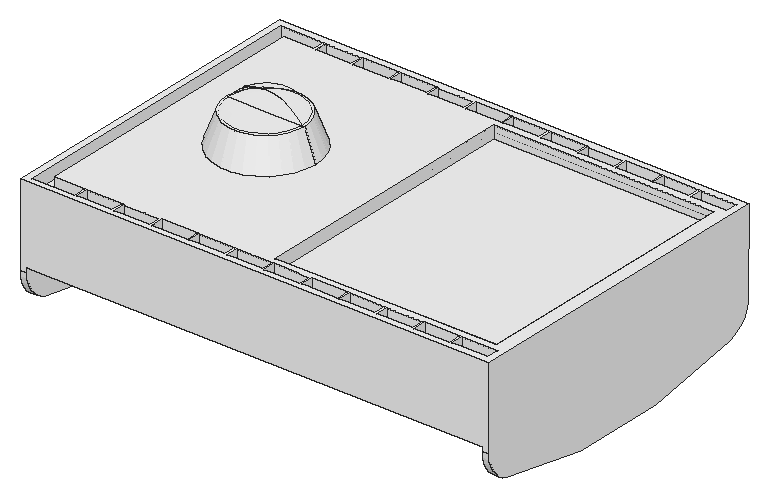
Revit family "QHC", category Lighting Fixtures, host Face, Revit 2013
Parameters (values of type "QHC")
  Wattage = 26.2 W
  Warranty = "Five year warranty "  # constant formula
  built-in parameter 1150110 = 1 (stored number, unit not read)
  Voltage = 120 V
  Wattage Comments = "135w"
  URL = "http://www.hubbellindustrial.com/"
  built-in parameter 1114217 = 1 (stored number, unit not read)
  Tilt Angle = -90.00°
  built-in parameter 1150109 = 1 (stored number, unit not read)
  built-in parameter 1150134 = 12
  built-in parameter 1150113 = 1 (stored number, unit not read)
  Product Page URL = "http://www.hubbellindustrial.com/products/qhc_1"
  Product Documentation Link = "http://cdn.hubbellindustrial.com/content/products/specs/specs_files/hil_0416_qhc_s_17.pdf"
  Power Factor = 0.9
  Photometric Web Link = "http://www.hubbellindustrial.com/products/qhc_1"
  Photometric Web File = "generic.ies"
  Nominal Watts = 135 W
  Model = "QHC Series"  # constant formula
  Manufacturer Phone = "864-678-1000"  # constant formula
  Manufacturer Fax = "866-898-0131"  # constant formula
  Manufacturer = "Hubbell Industrial Lighting"  # constant formula
  built-in parameter 1150105 = 253.11 (stored number, unit not read)
  Lumens = 3180.68 lm
  built-in parameter 1150115 = 1 (stored number, unit not read)
  Load Classification = Lighting
  built-in parameter 1150137 = (empty or 0)
  built-in parameter 1150139 = (empty or 0)
  built-in parameter 1150112 = 1 (stored number, unit not read)
  built-in parameter 1150114 = 1 (stored number, unit not read)
  Lamp = "36, 48, 60, 120, 180 Chip Board LEDs"  # constant formula
  built-in parameter 1150132 = (empty or 0)
  built-in parameter 1150102 = (empty or 0)
  built-in parameter 1150107 = 4000 (stored number, unit not read)
  built-in parameter 1150138 = (empty or 0)
  built-in parameter 1150106 = 2.5311 (stored number, unit not read)
  Glass = Hubbell - White Glass
  Emit from Rectangle Width = 10 1/2"  # constant formula
  Emit from Rectangle Length = 8 1/2"  # constant formula
  Emit Shape Visible in Rendering = no
  built-in parameter 1150104 = 11.278 (stored number, unit not read)
  Dimming Lamp Color Temperature Shift = <None>
  Description = "Modular Chassis LED High-Bay"  # constant formula
  Default Elevation = 48"
  Color Filter = 16777215
  built-in parameter 1114218 = 1 (stored number, unit not read)
  Housing Material = Hubbell-Paint-White
  built-in parameter 1150133 = 10 (stored number, unit not read)
  Apparent Load = Nominal Watts / Power Factor  # 150 VA
Reference planes (in)
  plane 1 "Center (Front/Back)": y = 0.03999
  plane 2: z = 0
  plane 3 "Center (Left/Right)": x = 1.66944
  plane 4: x = -7.45056
  plane 5: x = 10.78944
  plane 6: y = 6.35499
  plane 7: y = -6.27501
  plane 8: z = 2.11
  plane 9: z = 5.11
  plane 10: z = 7.03
  plane 11: x = -7.20056
  plane 12: x = 10.53944
  plane 13: x = -5.45056
  plane 14: x = -0.45056
  plane 15: y = 2.01754
  plane 16: y = -1.93756
  plane 17: y = 5.35499
  plane 18: y = -5.27501
  plane 19: x = 10.28944
  plane 20: z = 4.61
  plane 21: z = 4.86
  plane 22: y = 6.10499
  plane 23: y = 5.60499
  plane 24: y = -6.02501
  plane 25: y = -5.52501
  plane 26: x = -6.70056
Forms (in)
  Extrusion 1, solid, material "Hubbell-Paint-White" <- "Housing Material", detail levels medium+fine
    sketch origin (0, 0, 0) x (1, 0, 0) y (0, 1, 0)
      loop
        line (-7.20056, 6.35499) -> (-7.20056, -6.27501) -> (10.53944, -6.27501) -> (10.53944, 6.35499) -> (-7.20056, 6.35499)
    from 2.11 to 5.11
  Extrusion 2, solid, material "Hubbell-Paint-White" <- "Housing Material", detail levels medium+fine
    sketch origin (1.66944, 0, 0) x (0, 1, 0) y (0, 0, 1)
      loop
        line (6.35499, 5.11) -> (-6.27501, 5.11) -> (-6.27501, 1.93051)
        arc (-6.27501, 1.93051) -> (-6.01872, 1.17219) -> (-5.35494, 0.72483) r 1.25
        arc (-5.35494, 0.72483) -> (0.03999, 0) -> (5.43492, 0.72483) r 20.43961
        arc (5.43492, 0.72483) -> (6.0987, 1.17219) -> (6.35499, 1.93051) r 1.25
        line (6.35499, 1.93051) -> (6.35499, 5.11)
    from -9.12 to -8.87
  Extrusion 3, solid, material "Hubbell-Paint-White" <- "Housing Material", detail levels medium+fine
    sketch origin (1.66944, 0, 0) x (0, 1, 0) y (0, 0, -1)
      loop
        line (6.35499, -5.11) -> (6.35499, -1.93051)
        arc (6.35499, -1.93051) -> (6.0987, -1.17219) -> (5.43492, -0.72483) r 1.25
        arc (5.43492, -0.72483) -> (0.03999, 0) -> (-5.35494, -0.72483) r 20.43961
        arc (-5.35494, -0.72483) -> (-6.01872, -1.17219) -> (-6.27501, -1.93051) r 1.25
        line (-6.27501, -1.93051) -> (-6.27501, -5.11) -> (6.35499, -5.11)
    from -9.12 to -8.87
  Extrusion 4, solid, material "Hubbell-Paint-White" <- "Housing Material", detail levels fine
    sketch origin (0, 0, 0) x (1, 0, 0) y (0, 1, 0)
      loop
        line (-5.45056, 2.01754) -> (-5.45056, -1.93756) -> (-0.45056, -1.93756) -> (-0.45056, 2.01754) -> (-5.45056, 2.01754)
    from 0 to 2.11
  Revolve 5, solid, material "Hubbell-Paint-White" <- "Housing Material", detail levels fine
    sketch origin (0, 0.03999, 0) x (1, 0, 0) y (0, 0, 1)
      loop
        line (-2.95056, 6.28) -> (-2.95056, 5.11) -> (-1.00303, 5.11) -> (-1.44216, 6.28) -> (-2.95056, 6.28)
      axis (-2.95056, 6.28) -> (-2.95056, 5.11)
    angle from 0 to 360
  Revolve 6, solid, material "Hubbell - White Glass" <- "Glass", detail levels fine
    sketch origin (0, 0.03999, 0) x (1, 0, 0) y (0, 0, 1)
      loop
        arc (-1.52136, 6.28) -> (-2.14354, 6.83111) -> (-2.95056, 7.03) r 1.73674
        line (-2.95056, 7.03) -> (-2.95056, 6.28) -> (-1.52136, 6.28)
      axis (-2.95056, 7.03) -> (-2.95056, 6.28)
    angle from 0 to 360
  Extrusion 7, void
    sketch origin (0, 0, 0) x (1, 0, 0) y (0, 1, 0)
      loop
        line (1.66944, 5.35499) -> (1.66944, -5.27501) -> (10.28944, -5.27501) -> (10.28944, 5.35499) -> (1.66944, 5.35499)
    from 4.61 to 5.11
  Extrusion 8, solid, material "Hubbell - White Glass" <- "Glass", detail levels medium+fine
    sketch origin (0, 0, 0) x (1, 0, 0) y (0, 1, 0)
      loop
        line (1.66944, 5.35499) -> (1.66944, -5.27501) -> (10.28944, -5.27501) -> (10.28944, 5.35499) -> (1.66944, 5.35499)
    from 4.86 to 5.11
  Extrusion 9, void, detail levels fine
    sketch origin (0, 0, 0) x (1, 0, 0) y (0, 1, 0)
      loop
        line (-6.70056, 5.60499) -> (-5.52995, 5.60499) -> (-5.52995, 6.10499) -> (-7.20056, 6.10499) -> (-7.20056, -6.02501) -> (-5.52995, -6.02501) -> (-5.52995, -5.52501) -> (-6.70056, -5.52501) -> (-6.70056, 5.60499)
      loop
        line (-5.46745, 6.10499) -> (-5.46745, 5.60499) -> (-4.06897, 5.60499) -> (-4.06897, 6.10499) -> (-5.46745, 6.10499)
      loop
        line (-4.00647, 6.10499) -> (-4.00647, 5.60499) -> (-2.60798, 5.60499) -> (-2.60798, 6.10499) -> (-4.00647, 6.10499)
      loop
        line (-2.54548, 6.10499) -> (-2.54548, 5.60499) -> (-1.14699, 5.60499) -> (-1.14699, 6.10499) -> (-2.54548, 6.10499)
      loop
        line (-1.08449, 6.10499) -> (-1.08449, 5.60499) -> (0.31399, 5.60499) -> (0.31399, 6.10499) -> (-1.08449, 6.10499)
      loop
        line (0.37649, 6.10499) -> (0.37649, 5.60499) -> (1.77498, 5.60499) -> (1.77498, 6.10499) -> (0.37649, 6.10499)
      loop
        line (1.83748, 6.10499) -> (1.83748, 5.60499) -> (3.23597, 5.60499) -> (3.23597, 6.10499) -> (1.83748, 6.10499)
      loop
        line (3.29847, 6.10499) -> (3.29847, 5.60499) -> (4.69695, 5.60499) -> (4.69695, 6.10499) -> (3.29847, 6.10499)
      loop
        line (4.75945, 6.10499) -> (4.75945, 5.60499) -> (6.15794, 5.60499) -> (6.15794, 6.10499) -> (4.75945, 6.10499)
      loop
        line (6.22044, 6.10499) -> (6.22044, 5.60499) -> (7.61893, 5.60499) -> (7.61893, 6.10499) -> (6.22044, 6.10499)
      loop
        line (7.68143, 6.10499) -> (7.68143, 5.60499) -> (9.07991, 5.60499) -> (9.07991, 6.10499) -> (7.68143, 6.10499)
      loop
        line (9.14241, 6.10499) -> (9.14241, 5.60499) -> (10.5409, 5.60499) -> (10.5409, 6.10499) -> (9.14241, 6.10499)
      loop
        line (-5.46745, -6.02501) -> (-4.06897, -6.02501) -> (-4.06897, -5.52501) -> (-5.46745, -5.52501) -> (-5.46745, -6.02501)
      loop
        line (-4.00647, -6.02501) -> (-2.60798, -6.02501) -> (-2.60798, -5.52501) -> (-4.00647, -5.52501) -> (-4.00647, -6.02501)
      loop
        line (-2.54548, -6.02501) -> (-1.14699, -6.02501) -> (-1.14699, -5.52501) -> (-2.54548, -5.52501) -> (-2.54548, -6.02501)
      loop
        line (-1.08449, -6.02501) -> (0.31399, -6.02501) -> (0.31399, -5.52501) -> (-1.08449, -5.52501) -> (-1.08449, -6.02501)
      loop
        line (0.37649, -6.02501) -> (1.77498, -6.02501) -> (1.77498, -5.52501) -> (0.37649, -5.52501) -> (0.37649, -6.02501)
      loop
        line (1.83748, -6.02501) -> (3.23597, -6.02501) -> (3.23597, -5.52501) -> (1.83748, -5.52501) -> (1.83748, -6.02501)
      loop
        line (3.29847, -6.02501) -> (4.69695, -6.02501) -> (4.69695, -5.52501) -> (3.29847, -5.52501) -> (3.29847, -6.02501)
      loop
        line (4.75945, -6.02501) -> (6.15794, -6.02501) -> (6.15794, -5.52501) -> (4.75945, -5.52501) -> (4.75945, -6.02501)
      loop
        line (6.22044, -6.02501) -> (7.61893, -6.02501) -> (7.61893, -5.52501) -> (6.22044, -5.52501) -> (6.22044, -6.02501)
      loop
        line (7.68143, -6.02501) -> (9.07991, -6.02501) -> (9.07991, -5.52501) -> (7.68143, -5.52501) -> (7.68143, -6.02501)
      loop
        line (9.14241, -6.02501) -> (10.5409, -6.02501) -> (10.5409, -5.52501) -> (9.14241, -5.52501) -> (9.14241, -6.02501)
    from 4.61 to 5.11
  Extrusion 10, solid, material "Hubbell-Paint-White" <- "Housing Material", detail levels coarse
    sketch origin (0, 0, 0) x (1, 0, 0) y (0, 1, 0)
      loop
        line (-7.45056, 6.35499) -> (-7.45056, -6.27501) -> (10.78944, -6.27501) -> (10.78944, 6.35499) -> (-7.45056, 6.35499)
    from 0 to 5.11
Cuts and joins
  Extrusion 7, Extrusion 9 cuts Extrusion 1
  Extrusion 9 cuts Extrusion 2
  Extrusion 9 cuts Extrusion 3
  joined: Extrusion 1, Extrusion 2, Extrusion 3
  Extrusion 9 cuts Extrusion 4
  Extrusion 9 cuts Revolve 5
  Extrusion 9 cuts Revolve 6
  Extrusion 9 cuts Extrusion 8
Dimensions and locks (in)
  equal spacing: plane 4, plane 3 "Center (Left/Right)", plane 5
  equal spacing: plane 7, plane 1 "Center (Front/Back)", plane 6
  locked: plane 7 to plane 6 at 12.63
  locked: plane 4 to plane 5 at 18.24
  locked: plane 9 to plane 2 at 5.11
  locked: plane 9 to plane 8 at 3
  plane 10 to plane 2 = 7.03"
  locked: plane 4 to plane 11 at 0.25
  locked: plane 12 to plane 5 at 0.25
  equal spacing: plane 15, plane 1 "Center (Front/Back)", plane 16, locked at 1.97755 each
  locked: plane 13 to plane 14 at 5
  locked: plane 4 to plane 13 at 2
  locked: Revolve 5 sketch curve to plane 4 at 4.5
  locked: Revolve 6 sketch curve to plane 4 at 4.5
  locked: plane 17 to plane 6 at 1
  locked: plane 18 to plane 7 at 1
  locked: plane 19 to plane 5 at 0.5
  locked: plane 9 to plane 20 at 0.5
  locked: plane 9 to plane 21 at 0.25
  locked: plane 22 to plane 6 at 0.25
  locked: plane 22 to plane 23 at 0.5
  locked: plane 24 to plane 25 at 0.5
  locked: plane 7 to plane 24 at 0.25
  locked: plane 11 to plane 26 at 0.5
  radius of Extrusion 3 sketch curve = 20.43961"
  radius of Extrusion 3 sketch curve = 1 1/4"  (x2)
  radius of Extrusion 2 sketch curve = 20.43961"
  radius of Extrusion 2 sketch curve = 1 1/4"  (x2)
  aligned and locked: plane 2 to host face
  aligned and locked: level to host face
  aligned and locked: imposter light to plane 1 "Center (Front/Back)"
  aligned and locked: plane 6 to Extrusion 1 sketch curve
  aligned and locked: plane 11 to Extrusion 1 sketch curve
  aligned and locked: plane 7 to Extrusion 1 sketch curve
  aligned and locked: plane 12 to Extrusion 1 sketch curve
  aligned and locked: Extrusion 1 to plane 8
  aligned and locked: plane 9 to Extrusion 1
  aligned and locked: Extrusion 2 sketch curve to Extrusion 1  (x2)
  aligned and locked: Extrusion 2 sketch curve to plane 7
  aligned and locked: Extrusion 2 to plane 4
  aligned and locked: plane 11 to Extrusion 2
  aligned and locked: Extrusion 3 to plane 5
  aligned and locked: plane 12 to Extrusion 3
  aligned and locked: plane 9 to Extrusion 3
  aligned and locked: plane 6 to Extrusion 3 sketch curve
  aligned and locked: plane 7 to Extrusion 3 sketch curve
  aligned and locked: Extrusion 3 sketch curve to plane 9
  aligned and locked: Extrusion 4 sketch curve to plane 15
  aligned and locked: plane 13 to Extrusion 4 sketch curve
  aligned and locked: Extrusion 4 sketch curve to plane 16
  aligned and locked: Extrusion 4 sketch curve to plane 14
  aligned and locked: plane 8 to Extrusion 4
  aligned and locked: Extrusion 4 to plane 2
  aligned and locked: plane 9 to Revolve 5 sketch curve
  aligned and locked: Revolve 5 sketch curve to Revolve 5 sketch curve
  aligned and locked: Extrusion 7 sketch curve to plane 17
  aligned and locked: plane 3 "Center (Left/Right)" to Extrusion 7 sketch curve
  aligned and locked: plane 18 to Extrusion 7 sketch curve
  aligned and locked: Extrusion 7 sketch curve to plane 19
  aligned and locked: plane 9 to Extrusion 7
  aligned and locked: Extrusion 7 to plane 20
  aligned and locked: Extrusion 8 sketch curve to cut or joined group of Extrusion 1, Extrusion 2, Extrusion 3, Extrusion 7, Extrusion 9  (x4)
  aligned and locked: plane 9 to Extrusion 8
  aligned and locked: Extrusion 8 to plane 21
  aligned and locked: Extrusion 9 sketch curve to plane 23
  aligned and locked: Extrusion 9 sketch curve to plane 26
  aligned and locked: Extrusion 9 sketch curve to plane 22
  aligned and locked: plane 11 to Extrusion 9 sketch curve
  aligned and locked: plane 9 to Extrusion 9
  aligned and locked: Extrusion 9 to cut or joined group of Extrusion 1, Extrusion 2, Extrusion 3, Extrusion 7, Extrusion 9
  aligned and locked: Extrusion 10 sketch curve to cut or joined group of Extrusion 1, Extrusion 2, Extrusion 3, Extrusion 7, Extrusion 9  (x4)
  aligned and locked: plane 9 to Extrusion 10
  aligned and locked: Extrusion 10 to plane 2
  aligned and locked: plane 9 to imposter light
Automatic sketch dimensions
  host sketch curve to host sketch curve = 96"  (x2)
  Extrusion 2 sketch curve to plane 8 = 0.17949"
  Extrusion 2 sketch curve to plane 1 "Center (Front/Back)" = 0"
  level to Extrusion 2 sketch curve = 0.72483"
  Extrusion 2 sketch curve to Extrusion 2 sketch curve = 0.32993"
  Extrusion 3 sketch curve to plane 8 = 0.17949"
  Extrusion 3 sketch curve to plane 1 "Center (Front/Back)" = 0"
  level to Extrusion 3 sketch curve = 0.72483"  (x2)
  Revolve 5 sketch curve to plane 10 = 3/4"
  Revolve 5 sketch curve to plane 3 "Center (Left/Right)" = 3.1116"
  Revolve 5 sketch curve to Revolve 5 sketch curve = 0.43912"
  Revolve 5 sketch curve to level = 11.6495"
  plane 10 to Revolve 5 sketch curve = 11.3205"
  Revolve 6 sketch curve to plane 10 = 0"
  Revolve 6 sketch curve to plane 10 = 3/4"
  plane 11 to Revolve 6 sketch curve = 4 1/4"
  Revolve 6 sketch curve to Revolve 6 sketch curve = 1.4292"
  Revolve 6 sketch curve to level = 4.82771"
  Revolve 6 sketch curve to Revolve 6 sketch curve = 4.89229"
  plane 25 to Extrusion 9 sketch curve = 0"  (x12)
  plane 24 to Extrusion 9 sketch curve = 0"  (x12)
  Extrusion 9 sketch curve to plane 22 = 0"  (x11)
  Extrusion 9 sketch curve to plane 23 = 0"  (x11)
  Extrusion 9 sketch curve to plane 26 = 1.17061"  (x2)
  Extrusion 9 sketch curve to Extrusion 9 sketch curve = 1/16"  (x22)
  Extrusion 9 sketch curve to Extrusion 9 sketch curve = 1.39849"  (x16)
  plane 3 "Center (Left/Right)" to Extrusion 9 sketch curve = 0.10554"  (x2)
  plane 3 "Center (Left/Right)" to Extrusion 9 sketch curve = 1.56652"  (x2)
  Extrusion 9 sketch curve to plane 12 = 0.00146"  (x2)
Connectors (in)
  electrical at (-2.95056, 0.03999, 0), driven by "Load Classification", driven by "Voltage", driven by "Apparent Load", driven by "Power Factor"
    settings: on cut or joined group of Extrusion 4, Extrusion 9, index 1, voltage 120 V, apparent load 150 VA, apparent load phase1 0 VA, apparent load phase2 0 VA, apparent load phase3 0 VA, power factor 0.9, load classification "Lighting", number of poles 1, system type 30, power factor state 1, is connector primary yes, connector utility no, sub classification motor no, connector description "Lighting Connector"
